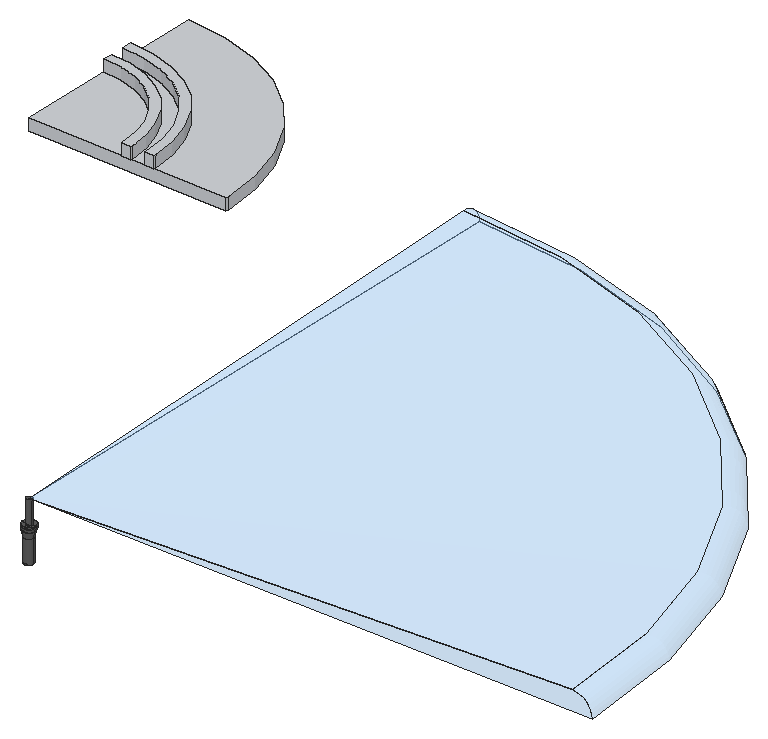
Revit family "HUNTER_PROS-04 Fixed Arc and Adjustable Pro Nozzles", category Sprinklers, Revit 2017
Family settings
  Maintain Annotation Orientation = No
  Round Connector Dimension = Use Diameter
  Part Type = Normal
  OmniClass Number = 23.11.27.15.11.11
  OmniClass Title = Installed Sprinkler Heads
  Work Plane-Based = No
  Always vertical = Yes
  Cut with Voids When Loaded = No
  Shared = Yes
  Room Calculation Point = No
Parameters (values of type "PROS-04-8 Brown-Q_90-2.4m")
  Water Spray Pattern = Water Arc : Water Arc
  Water = Water
  Valid Trajectory Arc [instance] = if(Trajectory Arc < Arc Min, Arc Min, if(Trajectory Arc > Arc Max, Arc Max, Trajectory Arc))  # 90.00°
  URL = "https://www.hunterindustries.com/irrigation-product/spray-bodies/pro-spray"
  Type Image = <None>
  Type Comments = "Pro-Spray® PROS-04"
  Trajectory Ref [instance] = Trajectory Arc / 1.00°  # 90
  Trajectory Radius = 2400.000 mm
  Trajectory Angle = 2.00°
  Symbol Annotation = Nozzle Fixed Arc 8 : Nozzle Fixed Arc 8
  Show Water Spray = yes
  Show 2D Symbol = yes
  Seal = Hunter® White Flex Seal
  Pressure = 210.0 kPa  # constant formula
  Precipitation Rate [instance] = if(Nozzle_Ref = 4, (if(Trajectory Ref = 1, 0, (if(Trajectory Ref = 45, 167, (if(Trajectory Ref = 90, 139, (if(Trajectory Ref = 120, 162, (if(Trajectory Ref = 180, 139, (if(Trajectory Ref = 240, 168, (if(Trajectory Ref = 270, 159, (if(Trajectory Ref < 45, ((Trajectory Ref - 0) * 3.71 + 0), (if(Trajectory Ref < 90, ((Trajectory Ref - 45) * (-0.62) + 167), (if(Trajectory Ref < 120, ((Trajectory Ref - 90) * (0.76) + 139), (if(Trajectory Ref < 180, ((Trajectory Ref - 120) * (-0.38) + 162), (if(Trajectory Ref < 240, ((Trajectory Ref - 180) * (0.48) + 139), (if(Trajectory Ref < 270, ((Trajectory Ref - 240) * (-0.3) + 168), (if(Trajectory Ref < 360, ((Trajectory Ref - 270) * (-0.33) + 159), (if(Trajectory Ref = 360, 129, (25))))))))))))))))))))))))))))))), (if(Nozzle_Ref = 6, (if(Trajectory Ref = 1, 0, (if(Trajectory Ref = 45, 98, (if(Trajectory Ref = 90, 102, (if(Trajectory Ref = 120, 91, (if(Trajectory Ref = 180, 84, (if(Trajectory Ref = 240, 92, (if(Trajectory Ref = 270, 101, (if(Trajectory Ref < 45, ((Trajectory Ref - 0) * 2.17 + 0), (if(Trajectory Ref < 90, ((Trajectory Ref - 45) * (0.09) + 98), (if(Trajectory Ref < 120, ((Trajectory Ref - 90) * (-0.36) + 102), (if(Trajectory Ref < 180, ((Trajectory Ref - 120) * (-0.12) + 91), (if(Trajectory Ref < 240, ((Trajectory Ref - 180) * (0.13) + 84), (if(Trajectory Ref < 270, ((Trajectory Ref - 240) * 0.3 + 92), (if(Trajectory Ref < 360, ((Trajectory Ref - 270) * (-0.33) + 101), (if(Trajectory Ref = 360, 87, (25))))))))))))))))))))))))))))))), (if(Nozzle_Ref = 8, 67, (if(Nozzle_Ref = 10, 49, (if(Nozzle_Ref = 12, 44, (if(Nozzle_Ref = 15, 40, (if(Nozzle_Ref = 17, 39, (if(Nozzle_Ref = 50, 49, (if(Nozzle_Ref = 500, 49, (if(Nozzle_Ref = 5000, 49, (if(Nozzle_Ref = 80, 43, (if(Nozzle_Ref = 800, 43, (if(Nozzle_Ref = 8000, 43, (if(Nozzle_Ref = 100, 42, (if(Nozzle_Ref = 1000, 42, (if(Nozzle_Ref = 10000, 42, (if(Nozzle_Ref = 120, 43, (if(Nozzle_Ref = 1200, 43, (if(Nozzle_Ref = 12000, 43, (if(Nozzle_Ref = 150, 41, (if(Nozzle_Ref = 1500, 41, (if(Nozzle_Ref = 15000, 41, (if(Nozzle_Ref = 170, 41, (if(Nozzle_Ref = 1700, 41, (0))))))))))))))))))))))))))))))))))))))))))))))))  # 43
  Pop Up Material = Hunter® ABS Plastic
  Pop Up Height = 100.000 mm  # constant formula
  Nozzle_Ref = 80
  Nozzle URL = "https://www.hunterindustries.com/irrigation-product/nozzles/pro-fixed-nozzles"
  Model = "PROS-04-8Q"
  Keynote = "328423.02"
  Inlet Size = "1/2'' NPT"
  Connection_Dia = 15.000 mm  # constant formula
  Nozzle Size = "Hunter®Pro-Spray Fixed Arc (8 Brown) Nozzle / Q_90° Arc Position"
  Exposed Diameter = 57.000 mm  # constant formula
  Body Material = Hunter® ABS Plastic
  Manufacturer = "Hunter® Industries"
  Product Flow [instance] = if(Nozzle_Ref = 4, (if(Trajectory Ref = 1, 0.0 L/min, (if(Trajectory Ref = 45, 0.48 L/min, (if(Trajectory Ref = 90, 0.83 L/min, (if(Trajectory Ref = 120, 1.25 L/min, (if(Trajectory Ref = 180, 1.6 L/min, (if(Trajectory Ref = 240, 2.59 L/min, (if(Trajectory Ref = 270, 2.75 L/min, (if(Trajectory Ref < 45, ((Trajectory Ref - 0) * (10.0 L/min / 1000) + 0.0 L/min), (if(Trajectory Ref < 90, ((Trajectory Ref - 45) * (8.0 L/min / 1000) + 0.48 L/min), (if(Trajectory Ref < 120, ((Trajectory Ref - 90) * (14.0 L/min / 1000) + 0.83 L/min), (if(Trajectory Ref < 180, ((Trajectory Ref - 120) * (6.0 L/min / 1000) + 1.25 L/min), (if(Trajectory Ref < 240, ((Trajectory Ref - 180) * (17.0 L/min / 1000) + 1.6 L/min), (if(Trajectory Ref < 270, ((Trajectory Ref - 240) * (5.0 L/min / 1000) + 2.59 L/min), (if(Trajectory Ref < 360, ((Trajectory Ref - 270) * (3.0 L/min / 1000) + 2.75 L/min), (if(Trajectory Ref = 360, 2.98 L/min, (25.0 L/min))))))))))))))))))))))))))))))), (if(Nozzle_Ref = 6, (if(Trajectory Ref = 1, 0.0 L/min, (if(Trajectory Ref = 45, 0.65 L/min, (if(Trajectory Ref = 90, 1.35 L/min, (if(Trajectory Ref = 120, 1.61 L/min, (if(Trajectory Ref = 180, 2.24 L/min, (if(Trajectory Ref = 240, 3.28 L/min, (if(Trajectory Ref = 270, 4.02 L/min, (if(Trajectory Ref < 45, ((Trajectory Ref - 0) * (14.0 L/min / 1000) + 0.0 L/min), (if(Trajectory Ref < 90, ((Trajectory Ref - 45) * (15.0 L/min / 1000) + 0.65 L/min), (if(Trajectory Ref < 120, ((Trajectory Ref - 90) * (8.0 L/min / 1000) + 1.35 L/min), (if(Trajectory Ref < 180, ((Trajectory Ref - 120) * (11.0 L/min / 1000) + 1.61 L/min), (if(Trajectory Ref < 240, ((Trajectory Ref - 180) * (17.0 L/min / 1000) + 2.24 L/min), (if(Trajectory Ref < 270, ((Trajectory Ref - 240) * (25.0 L/min / 1000) + 3.28 L/min), (if(Trajectory Ref < 360, ((Trajectory Ref - 270) * (6.0 L/min / 1000) + 4.02 L/min), (if(Trajectory Ref = 360, 4.62 L/min, (25.0 L/min))))))))))))))))))))))))))))))), (if(Nozzle_Ref = 8, (if(Trajectory Ref = 1, 0.0 L/min, (if(Trajectory Ref = 45, 0.83 L/min, (if(Trajectory Ref = 90, 1.65 L/min, (if(Trajectory Ref = 120, 2.2 L/min, (if(Trajectory Ref = 180, 3.3 L/min, (if(Trajectory Ref = 240, 4.4 L/min, (if(Trajectory Ref = 270, 4.95 L/min, (if(Trajectory Ref < 45, ((Trajectory Ref - 0) * (18.0 L/min / 1000) + 0.0 L/min), (if(Trajectory Ref < 90, ((Trajectory Ref - 45) * (18.0 L/min / 1000) + 0.83 L/min), (if(Trajectory Ref < 120, ((Trajectory Ref - 90) * (18.0 L/min / 1000) + 1.65 L/min), (if(Trajectory Ref < 180, ((Trajectory Ref - 120) * (18.0 L/min / 1000) + 2.2 L/min), (if(Trajectory Ref < 240, ((Trajectory Ref - 180) * (18.0 L/min / 1000) + 3.3 L/min), (if(Trajectory Ref < 270, ((Trajectory Ref - 240) * (18.0 L/min / 1000) + 4.4 L/min), (if(Trajectory Ref < 360, ((Trajectory Ref - 270) * (18.0 L/min / 1000) + 4.95 L/min), (if(Trajectory Ref = 360, 6.61 L/min, (25.0 L/min))))))))))))))))))))))))))))))), (if(Nozzle_Ref = 10, (if(Trajectory Ref = 1, 0.0 L/min, (if(Trajectory Ref = 45, 0.94 L/min, (if(Trajectory Ref = 90, 1.89 L/min, (if(Trajectory Ref = 120, 2.52 L/min, (if(Trajectory Ref = 180, 3.78 L/min, (if(Trajectory Ref = 240, 5.03 L/min, (if(Trajectory Ref = 270, 5.66 L/min, (if(Trajectory Ref < 45, ((Trajectory Ref - 0) * (21.0 L/min / 1000) + 0.0 L/min), (if(Trajectory Ref < 90, ((Trajectory Ref - 45) * (21.0 L/min / 1000) + 0.94 L/min), (if(Trajectory Ref < 120, ((Trajectory Ref - 90) * (21.0 L/min / 1000) + 1.89 L/min), (if(Trajectory Ref < 180, ((Trajectory Ref - 120) * (21.0 L/min / 1000) + 2.52 L/min), (if(Trajectory Ref < 240, ((Trajectory Ref - 180) * (21.0 L/min / 1000) + 3.78 L/min), (if(Trajectory Ref < 270, ((Trajectory Ref - 240) * (21.0 L/min / 1000) + 5.03 L/min), (if(Trajectory Ref < 360, ((Trajectory Ref - 270) * (21.0 L/min / 1000) + 5.66 L/min), (if(Trajectory Ref = 360, 7.55 L/min, (25.0 L/min))))))))))))))))))))))))))))))), (if(Nozzle_Ref = 12, (if(Trajectory Ref = 1, 0.0 L/min, (if(Trajectory Ref = 45, 1.23 L/min, (if(Trajectory Ref = 90, 2.46 L/min, (if(Trajectory Ref = 120, 3.28 L/min, (if(Trajectory Ref = 180, 4.92 L/min, (if(Trajectory Ref = 240, 6.56 L/min, (if(Trajectory Ref = 270, 7.38 L/min, (if(Trajectory Ref < 45, ((Trajectory Ref - 0) * (27.0 L/min / 1000) + 0.0 L/min), (if(Trajectory Ref < 90, ((Trajectory Ref - 45) * (27.0 L/min / 1000) + 1.23 L/min), (if(Trajectory Ref < 120, ((Trajectory Ref - 90) * (27.0 L/min / 1000) + 2.46 L/min), (if(Trajectory Ref < 180, ((Trajectory Ref - 120) * (27.0 L/min / 1000) + 3.28 L/min), (if(Trajectory Ref < 240, ((Trajectory Ref - 180) * (27.0 L/min / 1000) + 4.92 L/min), (if(Trajectory Ref < 270, ((Trajectory Ref - 240) * (27.0 L/min / 1000) + 6.56 L/min), (if(Trajectory Ref < 360, ((Trajectory Ref - 270) * (27.0 L/min / 1000) + 7.38 L/min), (if(Trajectory Ref = 360, 9.84 L/min, (25.0 L/min))))))))))))))))))))))))))))))), (if(Nozzle_Ref = 15, (if(Trajectory Ref = 1, 0.0 L/min, (if(Trajectory Ref = 45, 1.79 L/min, (if(Trajectory Ref = 90, 3.57 L/min, (if(Trajectory Ref = 120, 4.76 L/min, (if(Trajectory Ref = 180, 7.14 L/min, (if(Trajectory Ref = 240, 9.52 L/min, (if(Trajectory Ref = 270, 10.71 L/min, (if(Trajectory Ref < 45, ((Trajectory Ref - 0) * (40.0 L/min / 1000) + 0.0 L/min), (if(Trajectory Ref < 90, ((Trajectory Ref - 45) * (40.0 L/min / 1000) + 1.79 L/min), (if(Trajectory Ref < 120, ((Trajectory Ref - 90) * (40.0 L/min / 1000) + 3.57 L/min), (if(Trajectory Ref < 180, ((Trajectory Ref - 120) * (40.0 L/min / 1000) + 4.76 L/min), (if(Trajectory Ref < 240, ((Trajectory Ref - 180) * (40.0 L/min / 1000) + 7.14 L/min), (if(Trajectory Ref < 270, ((Trajectory Ref - 240) * (40.0 L/min / 1000) + 9.52 L/min), (if(Trajectory Ref < 360, ((Trajectory Ref - 270) * (40.0 L/min / 1000) + 10.71 L/min), (if(Trajectory Ref = 360, 14.28 L/min, (25.0 L/min))))))))))))))))))))))))))))))), (if(Nozzle_Ref = 17, (if(Trajectory Ref = 1, 0.0 L/min, (if(Trajectory Ref = 45, 2.23 L/min, (if(Trajectory Ref = 90, 4.45 L/min, (if(Trajectory Ref = 120, 5.94 L/min, (if(Trajectory Ref = 180, 8.91 L/min, (if(Trajectory Ref = 240, 11.88 L/min, (if(Trajectory Ref = 270, 13.36 L/min, (if(Trajectory Ref < 45, ((Trajectory Ref - 0) * (50.0 L/min / 1000) + 0.0 L/min), (if(Trajectory Ref < 90, ((Trajectory Ref - 45) * (50.0 L/min / 1000) + 2.23 L/min), (if(Trajectory Ref < 120, ((Trajectory Ref - 90) * (50.0 L/min / 1000) + 4.45 L/min), (if(Trajectory Ref < 180, ((Trajectory Ref - 120) * (50.0 L/min / 1000) + 5.94 L/min), (if(Trajectory Ref < 240, ((Trajectory Ref - 180) * (50.0 L/min / 1000) + 8.91 L/min), (if(Trajectory Ref < 270, ((Trajectory Ref - 240) * (50.0 L/min / 1000) + 11.88 L/min), (if(Trajectory Ref < 360, ((Trajectory Ref - 270) * (50.0 L/min / 1000) + 13.36 L/min), (if(Trajectory Ref = 360, 17.82 L/min, (25.0 L/min))))))))))))))))))))))))))))))), (if(Nozzle_Ref = 50, 0.46 L/min, (if(Nozzle_Ref = 500, 0.92 L/min, (if(Nozzle_Ref = 5000, 1.85 L/min, (if(Nozzle_Ref = 80, 1.03 L/min, (if(Nozzle_Ref = 800, 2.05 L/min, (if(Nozzle_Ref = 8000, 4.1 L/min, (if(Nozzle_Ref = 100, 1.57 L/min, (if(Nozzle_Ref = 1000, 3.14 L/min, (if(Nozzle_Ref = 10000, 6.28 L/min, (if(Nozzle_Ref = 120, 2.43 L/min, (if(Nozzle_Ref = 1200, 4.87 L/min, (if(Nozzle_Ref = 12000, 9.74 L/min, (if(Nozzle_Ref = 150, 3.62 L/min, (if(Nozzle_Ref = 1500, 7.25 L/min, (if(Nozzle_Ref = 15000, 14.49 L/min, (if(Nozzle_Ref = 170, 4.59 L/min, (if(Nozzle_Ref = 1700, 9.18 L/min, (15.0 L/min))))))))))))))))))))))))))))))))))))))))))))))))  # 1.03 L/min
  Diameter = 609.6 mm
  Description = "ProSpray® PROS-04 10cm PopUp with Pro-Spray Fixed Arc (8 Brown) Nozzle / Q_90° Arc Position"
  Body Height = 155.000 mm  # constant formula
  Assembly Code = "G2050700"
  Trajectory Arc [instance] = 90.00°
  Arc Min = 90.00°
  Arc Max = 90.00°
Types (24, lengths in mm): name | Valid Trajectory Arc | Trajectory Ref | Trajectory Radius | Trajectory Angle | Symbol Annotation | Precipitation Rate | Nozzle_Ref | Nozzle URL | Model | Inlet Size | Nozzle Size | Product Flow | Description | Trajectory Arc | Arc Min | Arc Max
  PROS-04-5 Blue-F_360-1.5m | 360.00° | 360 | 1500.000 | 1.00° | Nozzle Fixed Arc 5 : Nozzle Fixed Arc 5 | 49 | 5000 | "https://www.hunterindustries.com/irrigation-product/nozzles/pro-fixed-nozzles" | "PROS-04-5F" | "1/2'' NPT" | "Hunter®Pro-Spray Fixed Arc (5 Blue) Nozzle/ F_360° Arc Position" | 1.85 L/min | "ProSpray® PROS-04 10cm PopUp with Pro-Spray Fixed Arc (5 Blue) Nozzle/ F_360° Arc Position" | 360.00° | 360.00° | 360.00°
  PROS-04-8 Brown-F_360_2.4m | 360.00° | 360 | 2400.000 | 2.00° | Nozzle Fixed Arc 8 : Nozzle Fixed Arc 8 | 43 | 8000 | "https://www.hunterindustries.com/irrigation-product/nozzles/pro-fixed-nozzles" | "PROS-04-8F" | "1/2'' NPT" | "Hunter®Pro-Spray Fixed Arc (8 Brown) Nozzle / F_360° Arc Position" | 4.1 L/min | "ProSpray® PROS-04 10cm PopUp with Pro-Spray Fixed Arc (8 Brown) Nozzle / F_360° Arc Position" | 360.00° | 360.00° | 360.00°
  PROS-04-10 Red-F_360-3.0m | 360.00° | 360 | 3000.000 | 15.00° | Nozzle Fixed Arc 10 : Nozzle Fixed Arc 10 | 42 | 10000 | "https://www.hunterindustries.com/irrigation-product/nozzles/pro-fixed-nozzles" | "PROS-04-10F" | "1/2'' NPT" | "Hunter®Pro-Spray Fixed Arc (10 Red) Nozzle/ F_360° Arc Position" | 6.28 L/min | "ProSpray® PROS-04 10cm PopUp with Pro-Spray Fixed Arc (10 Red) Nozzle/ F_360° Arc Position" | 360.00° | 360.00° | 360.00°
  PROS-04-12 Green-F_360-3.7m | 360.00° | 360 | 3700.000 | 28.00° | Nozzle Fixed Arc 12 : Nozzle Fixed Arc 12 | 43 | 12000 | "https://www.hunterindustries.com/irrigation-product/nozzles/pro-fixed-nozzles" | "PROS-04-12F" | "1/2'' NPT" | "Hunter®Pro-Spray Fixed Arc (12 Green) Nozzle / F_360° Arc Position" | 9.74 L/min | "ProSpray® PROS-04 10cm PopUp with Pro-Spray Fixed Arc (12 Green) Nozzle / F_360° Arc Position" | 360.00° | 360.00° | 360.00°
  PROS-04-15 Black-F_360-4.6m | 360.00° | 360 | 4600.000 | 28.00° | Nozzle Fixed Arc 15 : Nozzle Fixed Arc 15 | 41 | 15000 | "https://www.hunterindustries.com/irrigation-product/nozzles/pro-fixed-nozzles" | "PROS-04-15F" | "1/2'' NPT" | "Hunter®Pro-Spray Fixed Arc (15 Black) Nozzle / F_360° Arc Position" | 14.49 L/min | "ProSpray® PROS-04 10cm PopUp with Pro-Spray Fixed Arc (15 Black) Nozzle / F_360° Arc Position" | 360.00° | 360.00° | 360.00°
  PROS-04-4A_Lt. Green_1.2m | 90.00° | 90 | 1200.000 | 5.00° | Nozzle 4A : Nozzle 4A | 139 | 4 | "https://www.hunterindustries.com/irrigation-product/nozzles/pro-adjustable-nozzles" | "PROS-04-4A" | "1/2\" NPT" | "Hunter® Pro Adjustable (4A) Lt.Green Nozzle" | 0.83 L/min | "ProSpray® PROS-04 10cm PopUp with Pro Adjustable 4A-Lt. Green Nozzle" | 90.00° | 0.00° | 360.00°
  PROS-04-6A_Lt. Blue_1.8m | 200.00° | 200 | 1800.000 | 5.00° | Nozzle 6A : Nozzle 6A | 86.6 | 6 | "https://www.hunterindustries.com/irrigation-product/nozzles/pro-adjustable-nozzles" | "PROS-04-6A" | "1/2\" NPT" | "Hunter® Pro Adjustable (6A) Lt.Blue Nozzle" | 2.58 L/min | "ProSpray® PROS-04 10cm PopUp with Pro Adjustable  6A-Lt. Blue Nozzle" | 200.00° | 0.00° | 360.00°
  PROS-04-8A_Brown_2.4m | 360.00° | 360 | 2400.000 | 5.00° | Nozzle 8A : Nozzle 8A | 67 | 8 | "https://www.hunterindustries.com/irrigation-product/nozzles/pro-adjustable-nozzles" | "PROS-04-8A Brown" | "1/2\" NPT" | "Hunter® Pro Adjustable (8A) Brown Nozzle" | 6.61 L/min | "ProSpray® PROS-04 10cm PopUp with Pro Adjustable  8A-Brown Nozzle" | 360.00° | 0.00° | 360.00°
  PROS-04-10A_Red_3.0m | 360.00° | 360 | 3000.000 | 15.00° | Nozzle 10A : Nozzle 10A | 49 | 10 | "https://www.hunterindustries.com/irrigation-product/nozzles/pro-adjustable-nozzles" | "PROS-04-10A Red" | "1/2\" NPT" | "Hunter® Pro Adjustable (10A) Red Nozzle" | 7.55 L/min | "ProSpray® PROS-04 10cm PopUp with Pro Adjustable  10A-Red Nozzle" | 360.00° | 0.00° | 360.00°
  PROS-04-12A_Green_3.7m | 90.00° | 90 | 3700.000 | 28.00° | Nozzle 12A : Nozzle 12A | 44 | 12 | "https://www.hunterindustries.com/irrigation-product/nozzles/pro-adjustable-nozzles" | "PROS-04-12A Green" | "1/2\" NPT" | "Hunter® Pro Adjustable (12A) Green Nozzle" | 2.46 L/min | "ProSpray® PROS-04 10cm PopUp with Pro Adjustable  12A-Green Nozzle" | 90.00° | 0.00° | 360.00°
  PROS-04-17A_Grey_5.2m | 360.00° | 360 | 5200.000 | 28.00° | Nozzle 17A : Nozzle 17A | 39 | 17 | "https://www.hunterindustries.com/irrigation-product/nozzles/pro-adjustable-nozzles" | "PROS-04-17A Grey" | "1/2\" NPT" | "Hunter® Pro Adjustable (17A) Grey Nozzle" | 17.82 L/min | "ProSpray® PROS-04 10cm PopUp with Pro Adjustable  17A-Grey Nozzle" | 360.00° | 0.00° | 360.00°
  PROS-04-15A_Black_4.6m | 90.00° | 90 | 4600.000 | 28.00° | Nozzle 15A : Nozzle 15A | 40 | 15 | "https://www.hunterindustries.com/irrigation-product/nozzles/pro-adjustable-nozzles" | "PROS-04-15A Black" | "1/2\" NPT" | "Hunter® Pro Adjustable (15A) Black Nozzle" | 3.57 L/min | "ProSpray® PROS-04 10cm PopUp with Pro Adjustable  15A-Black Nozzle" | 90.00° | 0.00° | 360.00°
  PROS-04-8 Brown-Q_90-2.4m | 90.00° | 90 | 2400.000 | 2.00° | Nozzle Fixed Arc 8 : Nozzle Fixed Arc 8 | 43 | 80 | "https://www.hunterindustries.com/irrigation-product/nozzles/pro-fixed-nozzles" | "PROS-04-8Q" | "1/2'' NPT" | "Hunter®Pro-Spray Fixed Arc (8 Brown) Nozzle / Q_90° Arc Position" | 1.03 L/min | "ProSpray® PROS-04 10cm PopUp with Pro-Spray Fixed Arc (8 Brown) Nozzle / Q_90° Arc Position" | 90.00° | 90.00° | 90.00°
  PROS-04-8 Brown-H_180-2.4m | 180.00° | 180 | 2400.000 | 2.00° | Nozzle Fixed Arc 8 : Nozzle Fixed Arc 8 | 43 | 800 | "https://www.hunterindustries.com/irrigation-product/nozzles/pro-fixed-nozzles" | "PROS-04-8H" | "1/2'' NPT" | "Hunter®Pro-Spray Fixed Arc (8 Brown) Nozzle / H_180° Arc Position" | 2.05 L/min | "ProSpray® PROS-04 10cm PopUp with PPro-Spray Fixed Arc (8 Brown) Nozzle / H_180° Arc Position" | 180.00° | 180.00° | 180.00°
  PROS-04-5 Blue-H_180-1.5m | 180.00° | 180 | 1500.000 | 1.00° | Nozzle Fixed Arc 5 : Nozzle Fixed Arc 5 | 49 | 500 | "https://www.hunterindustries.com/irrigation-product/nozzles/pro-fixed-nozzles" | "PROS-04-5H" | "1/2'' NPT" | "Hunter®Pro-Spray Fixed Arc (5 Blue) Nozzle/ H_180° Arc Position" | 0.92 L/min | "ProSpray® PROS-04 10cm PopUp with Pro-Spray Fixed Arc (5 Blue) Nozzle/ H_180° Arc Position" | 180.00° | 180.00° | 180.00°
  PROS-04-5 Blue-Q_90-1.5m | 90.00° | 90 | 1500.000 | 1.00° | Nozzle Fixed Arc 5 : Nozzle Fixed Arc 5 | 49 | 50 | "https://www.hunterindustries.com/irrigation-product/nozzles/pro-fixed-nozzles" | "PROS-04-5Q" | "1/2'' NPT" | "Hunter®Pro-Spray Fixed Arc (5 Blue) Nozzle / Q_90° Arc Position" | 0.46 L/min | "ProSpray® PROS-04 10cm PopUp with Pro-Spray Fixed Arc (5 Blue) Nozzle / Q_90° Arc Position" | 90.00° | 90.00° | 90.00°
  PROS-04-17 Grey-H_180-5.2m | 180.00° | 180 | 5200.000 | 28.00° | Nozzle Fixed Arc 17 : Nozzle Fixed Arc 17 | 41 | 1700 | "https://www.hunterindustries.com/irrigation-product/nozzles/pro-fixed-nozzles" | "PROS-04-17H" | "1/2'' NPT" | "Hunter®Pro-Spray Fixed Arc (17 Grey) Nozzle / H_180° Arc Position" | 9.18 L/min | "ProSpray® PROS-04 10cm PopUp with Pro-Spray Fixed Arc (17 Grey) Nozzle / H_180° Arc Position" | 180.00° | 180.00° | 180.00°
  PROS-04-17 Grey-Q_90-5.2m | 90.00° | 90 | 5200.000 | 28.00° | Nozzle Fixed Arc 17 : Nozzle Fixed Arc 17 | 41 | 170 | "https://www.hunterindustries.com/irrigation-product/nozzles/pro-fixed-nozzles" | "PROS-04-17Q" | "1/2'' NPT" | "Hunter®Pro-Spray Fixed Arc (17 Grey) Nozzle / Q_90° Arc Position" | 4.59 L/min | "ProSpray® PROS-04 10cm PopUp with Pro-Spray Fixed Arc (17 Grey) Nozzle / Q_90° Arc Position" | 90.00° | 90.00° | 90.00°
  PROS-04-15 Black-H_180-4.6m | 180.00° | 180 | 4600.000 | 28.00° | Nozzle Fixed Arc 15 : Nozzle Fixed Arc 15 | 41 | 1500 | "https://www.hunterindustries.com/irrigation-product/nozzles/pro-fixed-nozzles" | "PROS-04-15H" | "1/2'' NPT" | "Hunter®Pro-Spray Fixed Arc (15 Black) Nozzle / H_180° Arc Position" | 7.25 L/min | "ProSpray® PROS-04 10cm PopUp with Pro-Spray Fixed Arc (15 Black) Nozzle / H_180° Arc Position" | 180.00° | 180.00° | 180.00°
  PROS-04-15 Black-Q_90-4.6m | 90.00° | 90 | 4600.000 | 28.00° | Nozzle Fixed Arc 15 : Nozzle Fixed Arc 15 | 41 | 150 | "https://www.hunterindustries.com/irrigation-product/nozzles/pro-fixed-nozzles" | "PROS-04-15Q" | "1/2'' NPT" | "Hunter®Pro-Spray Fixed Arc (15 Black) Nozzle / Q_90° Arc Position" | 3.62 L/min | "ProSpray® PROS-04 10cm PopUp with Pro-Spray Fixed Arc (15 Black) Nozzle / Q_90° Arc Position" | 90.00° | 90.00° | 90.00°
  PROS-04-12 Green-H_180-3.7m | 180.00° | 180 | 3700.000 | 28.00° | Nozzle Fixed Arc 12 : Nozzle Fixed Arc 12 | 43 | 1200 | "https://www.hunterindustries.com/irrigation-product/nozzles/pro-fixed-nozzles" | "PROS-04-12H" | "1/2'' NPT" | "Hunter®Pro-Spray Fixed Arc (12 Green) Nozzle / H_180° Arc Position" | 4.87 L/min | "ProSpray® PROS-04 10cm PopUp with Pro-Spray Fixed Arc (12 Green) Nozzle / H_180° Arc Position" | 180.00° | 180.00° | 180.00°
  PROS-04-12 Green-Q_90-3.7m | 90.00° | 90 | 3700.000 | 28.00° | Nozzle Fixed Arc 12 : Nozzle Fixed Arc 12 | 43 | 120 | "https://www.hunterindustries.com/irrigation-product/nozzles/pro-fixed-nozzles" | "PROS-04-12Q" | "1/2'' NPT" | "Hunter®Pro-Spray Fixed Arc (12 Green) Nozzle / Q_90° Arc Position" | 2.43 L/min | "ProSpray® PROS-04 10cm PopUp with Pro-Spray Fixed Arc (12 Green) Nozzle / Q_90° Arc Position" | 90.00° | 90.00° | 90.00°
  PROS-04-10 Red-Q_90-3.0m | 90.00° | 90 | 3000.000 | 15.00° | Nozzle Fixed Arc 10 : Nozzle Fixed Arc 10 | 42 | 100 | "https://www.hunterindustries.com/irrigation-product/nozzles/pro-fixed-nozzles" | "PROS-04-10Q" | "1/2'' NPT" | "Hunter®Pro-Spray Fixed Arc (10 Red) Nozzle / Q_90° Arc Position" | 1.57 L/min | "ProSpray® PROS-04 10cm PopUp with Pro-Spray Fixed Arc (10 Red) Nozzle / Q_90° Arc Position" | 90.00° | 90.00° | 90.00°
  PROS-04-10 Red-H_180-3.0m | 180.00° | 180 | 3000.000 | 15.00° | Nozzle Fixed Arc 10 : Nozzle Fixed Arc 10 | 42 | 1000 | "https://www.hunterindustries.com/irrigation-product/nozzles/pro-fixed-nozzles" | "PROS-04-10H" | "1/2'' NPT" | "Hunter®Pro-Spray Fixed Arc (10 Red) Nozzle / H_180° Arc Position" | 3.14 L/min | "ProSpray® PROS-04 10cm PopUp with Pro-Spray Fixed Arc (10 Red) Nozzle / H_180° Arc Position" | 180.00° | 180.00° | 180.00°
Reference planes
  plane 1 "Center (Front/Back)": y = 0
  plane 2: z = 0
  plane 3 "Center (Left/Right)": x = 0
Lines and regions (mm)
  model lines
    curve 1: circle (0, 0, 0) r 29 normal (0, 0, 1)
    curve 2: line (0, 29, 0) -> (0, -29, 0)
    curve 3: line (-29, 0, 0) -> (29, 0, 0)
Dimensions and locks
  aligned and locked: level to plane 2
Nested families
  nested 1: "Water Arc" at (0, 0, 100), visible <- "Show Water Spray", type <- "Water Spray Pattern", type "Water Arc"
    with r1 83.759 mm, Trajectory Arc 90.00°, Radius 2400.000 mm, Arc_Angle 2.00°
  nested 2: "Nozzle Fixed Arc 8" at (0, 0, 1500), type <- "Symbol Annotation", visible <- "Show 2D Symbol", Trajectory Arc <- "Valid Trajectory Arc", type "Nozzle Fixed Arc 8"
    with Trajectory Ref 90, Trajectory Arc 90.00°, Ann Trajectory 90.00°
  nested 3: "PROS04Blackrfa" at (0, 0, 0), type "PROS04Blackrfa"
Connectors
  piping at (0, 0, -143.796), diameter 15, driven by "Product Flow"
    settings: on nested 3, index 1, connector inside diameter 609.6 mm, connector length 0.000 mm, flow factor 0, pipe flow 1.03 L/min, pressure drop 0.0 kPa, fitting loss kfactor 0, connector angle 0.00°, fixture units 0, engagement length 0.000 mm, angle of deflection 0.00°, flow configuration 0, flow direction 1, fitting loss method 2, system type 29, joint type 0, gender type 0, connector reference index -1, connector utility 0, adjustable connector no, is connector primary yes, connector description ""
Definition of nested family "Water Arc"
  Parameters (values of type "Water Arc")
    r1 = Radius * sin(Arc_Angle)  # 1901.782 mm
    Trajectory Arc = 180.00°
    Radius = 4500.000 mm
    Material = none
    Arc_Angle = 25.00°
  Reference planes
    plane 1 "Center (Front/Back)": y = 0
    plane 2: z = 0
    plane 3 "Center (Left/Right)": x = 0
  Forms (mm)
    Revolve 1, solid, material <- "Material"
      sketch origin (0, 0, 100) x (1, 0, 0) y (0, 0, 1)
        loop
          line (0, -100) -> (4500, -100)
          arc (4500, -100) -> (3426.848, 883.363) -> (1972.672, 819.872) r 1901.782
          line (1972.672, 819.872) -> (0, -100)
        axis (0, -100) -> (0, 819.872)
      angle from 0 to 180 <- "Trajectory Arc"
  Dimensions and locks
    "Radius": Revolve 1 sketch curve to plane 3 "Center (Left/Right)"
    "r1": radius of Revolve 1 sketch curve
    "Arc_Angle": angle Revolve 1 sketch curve to Revolve 1 sketch curve
    aligned and locked: level to plane 2
    aligned and locked: plane 3 "Center (Left/Right)" to Revolve 1 sketch curve
    aligned and locked: Revolve 1 sketch curve to level
  Automatic sketch dimensions
    Revolve 1 sketch curve to plane 3 "Center (Left/Right)" = 0.000 mm
    Revolve 1 sketch curve to Revolve 1 sketch curve = 191.442 mm
    Revolve 1 sketch curve to Revolve 1 sketch curve = 1280.000 mm
Definition of nested family "Nozzle Fixed Arc 8"
  Parameters (values of type "Nozzle Fixed Arc 8")
    Trajectory Ref [instance] = Trajectory Arc / 1.00°  # 5
    Trajectory Arc [instance] = 5.00°
    Ann Trajectory [instance] = Trajectory Arc  # 5.00°
  Reference planes
    plane 1 "Center (Front/Back)": y = 0
    plane 2: z = 0
    plane 3 "Center (Left/Right)": x = 0
  Forms (mm)
    Extrusion 1, solid
      sketch origin (0, 0, 0) x (0.965926, 0.258819, 0) y (-0.258819, 0.965926, 0)
        loop
          circle (0, 0) r 850
      from 0 to 50
    Extrusion 2, solid
      sketch origin (0, 0, 0) x (0.939693, 0.34202, 0) y (-0.34202, 0.939693, 0)
        loop
          circle (0, 0) r 400
        loop
          circle (0, 0) r 540
        loop
          circle (0, 0) r 440
        loop
          circle (0, 0) r 500
      from 100 to 50
    Revolve 3, void
      sketch origin (0, 0, 0) x (1, 0, 0) y (0, 0, 1)
        loop
          line (0, 149.054) -> (0, -50.946) -> (940, -50.946) -> (940, 149.054) -> (0, 149.054)
        axis (0, 149.054) -> (0, -50.946)
      angle from 359 to 5 <- "Trajectory Arc"
  Cuts and joins
    Revolve 3 cuts Extrusion 1
    Revolve 3 cuts Extrusion 2
  Dimensions and locks
    aligned and locked: plane 2 to level
Definition of nested family "PROS04Blackrfa"
  Parameters (values of type "PROS04Blackrfa")
    R_Pipe_Connection = 15.671 mm
    Pop_Up = 100.000 mm
    ON = yes
    Material = none
    Dia = 25.315 mm
    Body_Height = 155.000 mm
  Reference planes
    plane 1 "Center (Front/Back)": y = 0
    plane 2: z = 0
    plane 3 "Center (Left/Right)": x = 0
  Forms (mm)
    Revolve 1, solid
      sketch origin (0, 0, 0) x (1, 0, 0) y (0, 0, 1)
        loop
          line (-7.5, -145.796) -> (-7.5, -143.796) -> (0, -143.796) -> (0, 5.715) -> (-12.032, 5.715) -> (-12.032, 3.583) -> (-28.553, 3.583) -> (-28.874, -0.237) -> (-28.874, -3.184) -> (-26.225, -15.644) -> (-26.225, -17.907) -> (-24.13, -17.907) -> (-20.19, -43.307) -> (-19.685, -142.006)
          arc (-19.685, -142.006) -> (-18.562, -144.687) -> (-15.875, -145.796) r 3.81
          line (-15.875, -145.796) -> (-7.5, -145.796)
        axis (0, -145.796) -> (0, 5.715)
      angle from 0 to 360
    Extrusion 2, solid
      sketch origin (0, 0, 0) x (1, 0, 0) y (0, 1, 0)
        loop
          circle (0, 0) r 12.032
      from 0 to 100
  Dimensions and locks
    aligned and locked: level to plane 2
